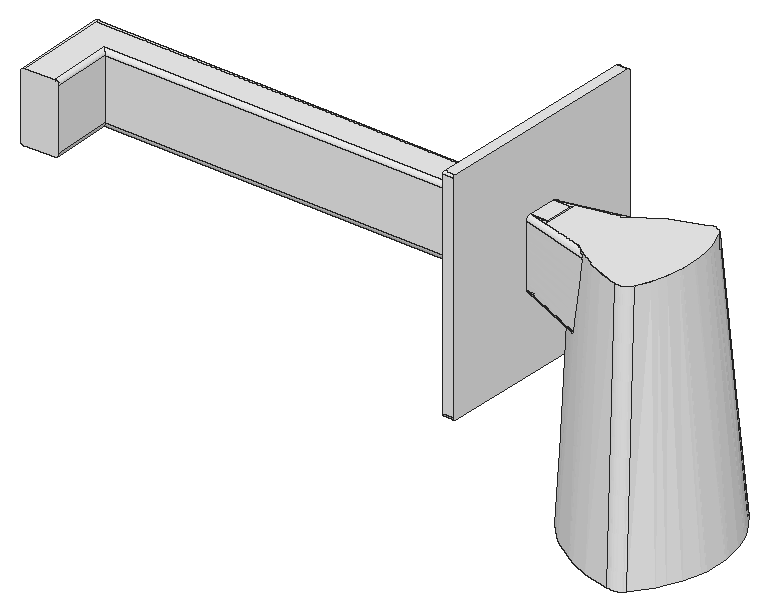
Revit family "FG774505-SUP4732833-Chrome", category Generic Models, host Face, Revit 2013
Parameters (values of type "FG774505-SUP473283-Chrome")
  Unit = Metal - Chrome
  URL = "www.deltafaucet.com"
  Model = "FG774505"  # constant formula
  Manufacturer = "Delta"  # constant formula
  Description = "FG774505-SUP473283-Chrome"
  Default Elevation = 1524.00 mm
Reference planes
  plane 1 "Center (Front/Back)": y = 0
  plane 2: z = 0
  plane 3 "Center (Left/Right)": x = 0
Dimensions and locks
  aligned and locked: plane 2 to host face
  aligned and locked: level to host face
  aligned and locked: nested 1 to plane 3 "Center (Left/Right)"
  aligned and locked: nested 1 to plane 1 "Center (Front/Back)"
  aligned and locked: nested 1 to host face
Nested families
  nested 1: "FG774505-SUP473283" at (0, 0, 0) x (-1, 0, 0) z (0, 0, 1), type "FG774505-SUP473283"
Definition of nested family "FG774505-SUP473283"
  Parameters (values of type "FG77418-SUP413763")
    Unit = none
    URL = "www.deltafaucet.com"
    Model = "FG77418"  # constant formula
    Manufacturer = "Delta"  # constant formula
    Description = "FG77418-SUP413763"
    Default Elevation = 1524.00 mm
  Reference planes
    plane 1 "Center (Front/Back)": y = 0
    plane 2: z = 0
    plane 3 "Center (Left/Right)": x = 0
  Forms (mm)
    Extrusion 1, solid
      sketch origin (0, 0, 0) x (1, 0, 0) y (0, 1, 0)
        loop
          line (-1219.2, 1219.2) -> (-1219.2, -1219.2) -> (1219.2, -1219.2) -> (1219.2, 1219.2) -> (-1219.2, 1219.2)
      from 0 to -304.8
  Dimensions and locks
    aligned and locked: plane 2 to Extrusion 1
    aligned and locked: level to Extrusion 1
    aligned and locked: plane 1 "Center (Front/Back)" to nested 1
    aligned and locked: plane 3 "Center (Left/Right)" to nested 1
    aligned and locked: nested 1 to level
  Nested families
    nested 1: "FG77418" at (0, 0, 0), type "FG77418"
  Definition of nested family "FG77418"
    Parameters (values of type "FG77418")
      Finish = none
    Reference planes
      plane 1 "Center (Front/Back)": y = 0
      plane 2: z = 0
      plane 3 "Center (Left/Right)": x = 0
      plane 4: through (0, 368.198, 229.941) normal (0, -0.7071, 0.7071)
    Forms (mm)
      Blend 1, solid, material <- "Finish"
        base sketch origin (558.8, 0, 0) x (-1, 0, 0) y (0, -1, 0)
          loop
            arc (607.031, -61.197) -> (630.54, -0.043) -> (607.214, 61.181) r 91.653
            arc (607.214, 61.181) -> (601.613, 64.949) -> (594.892, 65.583) r 13.692
            arc (594.892, 65.583) -> (543.197, 45.186) -> (505.178, 4.651) r 126.878
            arc (505.178, 4.651) -> (503.91, 0) -> (505.178, -4.651) r 9.16
            arc (505.178, -4.651) -> (543.133, -45.142) -> (594.738, -65.559) r 126.878
            arc (594.738, -65.559) -> (601.439, -64.938) -> (607.031, -61.197) r 13.672
        top sketch origin (558.8, 0, 0) x (-1, 0, 0) y (0, -1, 0)
          loop
            arc (598.652, -42.544) -> (608.267, 0.015) -> (598.676, 42.58) r 99.124
            arc (598.676, 42.58) -> (593.792, 47.418) -> (586.944, 48.02) r 10.12
            arc (586.944, 48.02) -> (550.237, 32.316) -> (519.57, 6.754) r 137.862
            arc (519.57, 6.754) -> (516.987, 0) -> (519.57, -6.754) r 10.12
            arc (519.57, -6.754) -> (550.204, -32.296) -> (586.868, -48) r 137.862
            arc (586.868, -48) -> (593.745, -47.4) -> (598.652, -42.544) r 10.162
        from 0 to 209.677
      Blend 2, solid, material <- "Finish"
        base sketch origin (558.8, 0, 0) x (0, 1, 0) y (0, 0, -1)
          loop
            arc (35.226, -209.677) -> (39.014, -208.136) -> (40.65, -204.388) r 5.425
            line (40.65, -204.388) -> (42.272, -140.007)
            arc (42.272, -140.007) -> (0, -147.543) -> (-42.272, -140.007) r 122.325
            line (-42.272, -140.007) -> (-40.65, -204.357)
            arc (-40.65, -204.357) -> (-39.005, -208.127) -> (-35.195, -209.677) r 5.457
            line (-35.195, -209.677) -> (35.226, -209.677)
        top sketch origin (558.8, 0, 0) x (0, 1, 0) y (0, 0, -1)
          loop
            arc (15.24, -157.463) -> (14.174, -154.889) -> (11.599, -153.822) r 3.641
            line (11.599, -153.822) -> (-11.569, -153.822)
            arc (-11.569, -153.822) -> (-14.165, -154.898) -> (-15.24, -157.493) r 3.671
            line (-15.24, -157.493) -> (-15.24, -205.997)
            arc (-15.24, -205.997) -> (-14.162, -208.599) -> (-11.56, -209.677) r 3.68
            line (-11.56, -209.677) -> (11.569, -209.677)
            arc (11.569, -209.677) -> (14.165, -208.602) -> (15.24, -206.006) r 3.671
            line (15.24, -206.006) -> (15.24, -157.463)
        from 587.627 to 488.709
      Extrusion 3, void
        sketch origin (558.8, 0, 0) x (-1, 0, 0) y (0, 0, -1)
          loop
            circle (580.663, -9.583) r 6.998
        from 50.945 to 66.282
      Sweep 4, solid, material <- "Finish"
        path origin (0, 0, 0) x (1, 0, 0) y (0, 1, 0)
          loop
            line (55.01, 0) -> (425.691, 0) -> (423.457, 63.968)
        profile origin (240.351, 0, 0) x (0, 1, 0) y (0, 0, 1)
          loop
            line (11.569, 209.677) -> (-11.569, 209.677)
            arc (-11.569, 209.677) -> (-14.165, 208.602) -> (-15.24, 206.006) r 3.671
            line (-15.24, 206.006) -> (-15.24, 157.493)
            arc (-15.24, 157.493) -> (-14.165, 154.898) -> (-11.569, 153.822) r 3.671
            line (-11.569, 153.822) -> (11.573, 153.822)
            arc (11.573, 153.822) -> (14.166, 154.897) -> (15.24, 157.49) r 3.667
            line (15.24, 157.49) -> (15.24, 206.006)
            arc (15.24, 206.006) -> (14.165, 208.602) -> (11.569, 209.677) r 3.671
      Extrusion 5, solid, material <- "Finish"
        sketch origin (0, 0, 0) x (0, 1, 0) y (0, 0, 1)
          loop
            line (-89.363, 268.978) -> (-89.363, 95.397)
            arc (-89.363, 95.397) -> (-88.82, 94.086) -> (-87.51, 93.544) r 1.853
            line (-87.51, 93.544) -> (86.029, 93.544)
            arc (86.029, 93.544) -> (87.463, 94.137) -> (88.056, 95.571) r 2.027
            line (88.056, 95.571) -> (88.056, 268.978)
            arc (88.056, 268.978) -> (87.475, 270.381) -> (86.072, 270.963) r 1.984
            line (86.072, 270.963) -> (-87.378, 270.963)
            arc (-87.378, 270.963) -> (-88.781, 270.381) -> (-89.363, 268.978) r 1.984
        from 70.091 to 78.516
    Cuts and joins
      Extrusion 3 cuts Blend 1
      joined: Blend 1, Blend 2
      joined: Sweep 4, Extrusion 5
